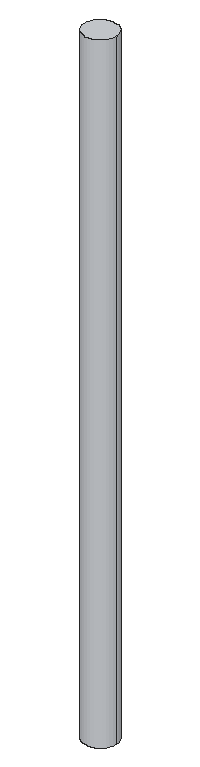
Revit family "M_Round Column", category 기둥, Revit 2026
Family settings
  로드될 때 보이드를 사용하여 절단 = 아니오
  자동으로 형상을 벽에 결합합니다 = 예
  공유 = 아니오
  평면도에서 미리 절단된 패밀리 표시 = 예
Parameters (values of type "152mm Diameter")
  Diameter = 152.00 mm
  Material = none
  Offset Base = 0.00 mm
  Offset Top = 0.00 mm
Types (4, lengths in mm): name | Diameter
  (no name) | 152.00
  152mm Diameter | 152.00
  305mm Diameter | 305.00
  610mm Diameter | 610.00
Reference planes
  plane 1: y = 0
  plane 2: z = 0
  plane 3: x = 0
  plane 4: x = -76
  plane 5: x = 76
  plane 6: y = 76
  plane 7: y = -76
  plane 8: z = 3000
  plane 9: z = 0
Forms (mm)
  Extrusion 1, solid, material <- "Material"
    sketch origin (0, 0, 0) x (1, 0, 0) y (0, 1, 0)
      loop
        arc (-76, 0) -> (0, -76) -> (76, 0) r 76
        arc (76, 0) -> (53.74, 53.74) -> (0, 76) r 76
        arc (0, 76) -> (-53.74, 53.74) -> (-76, 0) r 76
    from 0 to 3000
Dimensions and locks
  equal spacing: plane 4, plane 3, plane 5
  "Diameter": plane 4 to plane 5
  equal spacing: plane 6, plane 1, plane 7
  "Diameter": plane 7 to plane 6
  "Offset Base": plane 9 to level
  "Offset Top": level to plane 8
  aligned and locked: Extrusion 1 to plane 9
  aligned and locked: plane 8 to Extrusion 1
Automatic sketch dimensions
  Extrusion 1 sketch curve to plane 1 = 0.00 mm  (x2)
  Extrusion 1 sketch curve to plane 4 = 0.00 mm  (x2)
  Extrusion 1 sketch curve to plane 3 = 0.00 mm
